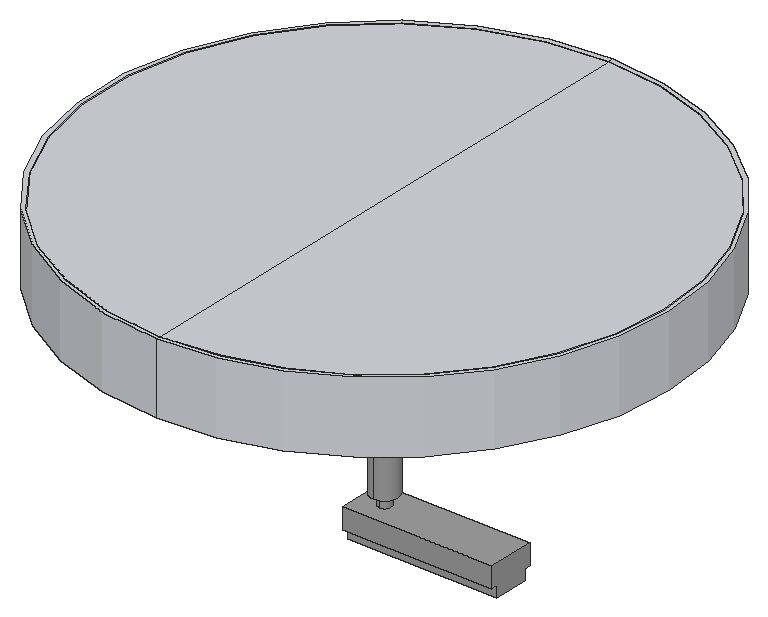
Revit family "Alcon - 15100_Suspended Large Disk - Linear", category Generic Models, host Face, Revit 2025
Family settings
  Host = Face
  Can host rebar = No
  Round Connector Dimension = Use Diameter
  Part Type = Normal
  Cut with Voids When Loaded = No
  Maintain Annotation Orientation = No
  Shared = No
  Room Calculation Point = No
Parameters
  HOUSING = Default
  Fixure Rotation = 90.00°
  Default Elevation = 4' - 0"
Reference planes (in)
  plane 1 "Center (Front/Back)": y = 0
  plane 2: z = 0
  plane 3 "Center (Left/Right)": x = 0
Forms (in)
  Extrusion 1, solid, material "Default" <- "HOUSING"
    sketch origin (-0.64495, -6.99033, 6.35123) x (0, -1, 0) y (0, 0, -1)
      loop
        line (-6.34033, 5.36282) -> (-6.34033, 5.93211) -> (-6.51937, 5.93211) -> (-6.51937, 6.23212) -> (-7.46129, 6.23212) -> (-7.46129, 5.93211) -> (-7.64033, 5.93211) -> (-7.64033, 5.36282) -> (-6.34033, 5.36282)
    from 0 to 4.13
  Revolve 2, solid, material "Default" <- "HOUSING"
    sketch origin (0, 0, 0) x (0, 1, 0) y (0, 0, 1)
      loop
        line (0, 0.98841) -> (0, 1.28553) -> (-0.17498, 1.28553) -> (-0.17498, 0.98841) -> (0, 0.98841)
      axis (0, 0.98841) -> (0, 1.28553)
    angle from 0 to 360
  Revolve 3, solid, material "Default" <- "HOUSING"
    sketch origin (0, 0, 0) x (0, 1, 0) y (0, 0, 1)
      loop
        line (-0.37315, 6.28553) -> (-0.37315, 1.28553) -> (0, 1.28553) -> (0, 6.28553) -> (-0.37315, 6.28553)
      axis (0, 6.28553) -> (0, 1.28553)
    angle from 0 to 360
Lines and regions (in)
  reference lines
    curve 1: line (0, -15.04158, 6.21109) -> (0, 17.20842, 6.21109)
Dimensions and locks (in)
  "Fixure Rotation": angle nested 1 to curve 1
  aligned and locked: plane 2 to host face
  aligned and locked: level to host face
Automatic sketch dimensions
  host sketch curve to host sketch curve = 8' - 0"  (x2)
  Extrusion 1 sketch curve to plane 1 "Center (Front/Back)" = 0' - 0.65"
  level to Extrusion 1 sketch curve = 0' - 0.11911"
  Extrusion 1 sketch curve to Extrusion 1 sketch curve = 0' - 0.17904"  (x2)
  plane 1 "Center (Front/Back)" to Extrusion 1 sketch curve = 0' - 0.47096"
  Extrusion 1 sketch curve to Extrusion 1 sketch curve = 0' - 0.30001"  (x2)
  Extrusion 1 sketch curve to Extrusion 1 sketch curve = 0' - 0.56929"
  Revolve 2 sketch curve to plane 1 "Center (Front/Back)" = 0' - 0"  (x2)
  Revolve 2 sketch curve to Revolve 2 sketch curve = 0' - 0.17498"
  level to Revolve 2 sketch curve = 0' - 0.98841"
  Revolve 2 sketch curve to Revolve 2 sketch curve = 0' - 0.29712"
  Revolve 2 sketch curve to Revolve 2 sketch curve = 0' - 0.0817"
  Revolve 2 sketch curve to Revolve 2 sketch curve = 0' - 0.64489"
  Revolve 3 sketch curve to plane 1 "Center (Front/Back)" = 0' - 0"  (x2)
  Revolve 3 sketch curve to Revolve 3 sketch curve = 0' - 0.37315"
  level to Revolve 3 sketch curve = 0' - 1.28553"
  Revolve 3 sketch curve to Revolve 3 sketch curve = 0' - 5"
  Revolve 3 sketch curve to Revolve 3 sketch curve = 0' - 0.01637"
  Revolve 3 sketch curve to Revolve 3 sketch curve = 0' - 0.22442"
  level to curve 1 = 0' - 6.21109"
  plane 1 "Center (Front/Back)" to curve 1 = 1' - 3.04158"
  curve 1 to plane 1 "Center (Front/Back)" = 1' - 5.20842"
Nested families (in)
  nested 1: "Alcon - 15100_Suspended Large Disk" at (0, 0, 6.21109) x (0, 0, -1) z (1, 0, 0), type "Alcon - 15100_Suspended Large Disk"
    with built-in parameter 1001306 0.45833 (stored number, unit not read)
Definition of nested family "Alcon - 15100_Suspended Large Disk"
  Parameters (values of type "Alcon - 15100_Suspended Large Disk")
    Wattage = 9.2903 W
    built-in parameter 1150110 = 1 (stored number, unit not read)
    built-in parameter 1114217 = 1 (stored number, unit not read)
    Tilt Angle = 60.00°
    built-in parameter 1150109 = 1 (stored number, unit not read)
    built-in parameter 1150134 = 3
    built-in parameter 1150113 = 1 (stored number, unit not read)
    built-in parameter 1010507 = 1.5708 (stored number, unit not read)
    built-in parameter 1010506 = 0.5236 (stored number, unit not read)
    built-in parameter 1150105 = 4614.1 (stored number, unit not read)
    Lumens = 1380 lm
    built-in parameter 1150115 = 1 (stored number, unit not read)
    Light Source Symbol Length = 10' - 0"
    built-in parameter 1150137 = (empty or 0)
    built-in parameter 1150139 = (empty or 0)
    built-in parameter 1001306 [instance] = 4' - 0"
    built-in parameter 1150112 = 1 (stored number, unit not read)
    built-in parameter 1150114 = 1 (stored number, unit not read)
    built-in parameter 1150132 = (empty or 0)
    built-in parameter 1150102 = (empty or 0)
    built-in parameter 1150107 = 3200 (stored number, unit not read)
    built-in parameter 1150138 = (empty or 0)
    built-in parameter 1150106 = 46.141 (stored number, unit not read)
    Housing = none
    Frosted Glass = none
    built-in parameter 1150104 = 13.8 (stored number, unit not read)
    Dimming Lamp Color Temperature Shift = (empty or 0)
    Default Elevation = 0' - 0"
    Color Filter = 16777215
    built-in parameter 1114218 = 1 (stored number, unit not read)
    built-in parameter 1150133 = 10 (stored number, unit not read)
  Reference planes (in)
    plane 1 "Center (Front/Back)": y = 0
    plane 2: z = 0
    plane 3 "Left": x = 0
    plane 4 "Right": x = 48
  Forms (in)
    Revolve 1, solid, material <- "Housing"
      sketch origin (-2.33756, 0, 0) x (1, 0, 0) y (0, 1, 0)
        loop
          line (1.36945, 0) -> (1.97, 0) -> (1.97, 7.875) -> (0, 7.875) -> (0, 7.75) -> (1.36945, 7.75) -> (1.36945, 0)
        axis (0, 0) -> (1.97, 0)
      angle from 0 to 360
    Revolve 2, solid, material <- "Frosted Glass"
      sketch origin (-2.33756, 0, 0) x (1, 0, 0) y (0, 1, 0)
        loop
          line (0, 0) -> (0.07967, 0) -> (0.07967, 7.75) -> (0, 7.75) -> (0, 0)
        axis (0, 0) -> (0.07967, 0)
      angle from 0 to 360
    Revolve 3, solid, material <- "Housing"
      sketch origin (-0.17072, 0, 0) x (1, 0, 0) y (0, 1, 0)
        loop
          line (-0.19683, 0) -> (0.51317, 0) -> (0.51317, 0.66894) -> (-0.19683, 0.66894) -> (-0.19683, 0)
        axis (-0.19683, 0) -> (0.51317, 0)
      angle from 0 to 360
    Extrusion 4, void
      sketch origin (0.34244, 0, 0) x (0, 0, 1) y (0, 1, 0)
        loop
          circle (0, 0) r 0.38902
      from 0 to 0.55976
  Cuts and joins
    Extrusion 4 cuts Revolve 1
    Extrusion 4 cuts Revolve 2
    Extrusion 4 cuts Revolve 3
  Lines and regions (in)
    reference lines
      curve 1: line (0, 0, 0) -> (48, 0, 0)
    model lines
      curve 2: line (0, 0, 0) -> (-30, 0, 0)
  Dimensions and locks (in)
    "built-in parameter 1001306": plane 3 "Left" to plane 4 "Right"
    aligned and locked: plane 4 "Right" to curve 1
    aligned and locked: plane 1 "Center (Front/Back)" to curve 1
    aligned and locked: plane 3 "Left" to curve 1
    aligned and locked: level to plane 2
  Automatic sketch dimensions
    Revolve 1 sketch curve to plane 3 "Left" = 0' - 2.33756"  (x2)
    plane 1 "Center (Front/Back)" to Revolve 1 sketch curve = 0' - 0"  (x2)
    Revolve 1 sketch curve to Revolve 1 sketch curve = 0' - 1.36945"
    Revolve 1 sketch curve to Revolve 1 sketch curve = 0' - 0.60055"
    Revolve 1 sketch curve to plane 1 "Center (Front/Back)" = 0' - 7 3/4"
    Revolve 1 sketch curve to Revolve 1 sketch curve = 0' - 0 1/8"
    Revolve 1 sketch curve to Revolve 1 sketch curve = 0' - 0"
    plane 1 "Center (Front/Back)" to Revolve 3 sketch curve = 0' - 0"  (x2)
    Revolve 3 sketch curve to plane 3 "Left" = 0' - 0.36756"
    plane 3 "Left" to Revolve 3 sketch curve = 0' - 0.34244"
    Revolve 3 sketch curve to plane 1 "Center (Front/Back)" = 0' - 0.66894"
    Revolve 3 sketch curve to Revolve 3 sketch curve = 0' - 0.03766"
    Revolve 3 sketch curve to Revolve 3 sketch curve = 0' - 0"
    plane 1 "Center (Front/Back)" to curve 2 = 0' - 0"
    curve 2 to plane 3 "Left" = 0' - 0"
    curve 2 to curve 2 = 2' - 6"
    plane 1 "Center (Front/Back)" to Revolve 2 sketch curve = 0' - 0"  (x2)
    Revolve 2 sketch curve to plane 3 "Left" = 0' - 2.33756"
    Revolve 2 sketch curve to Revolve 2 sketch curve = 0' - 0.07967"
    Revolve 2 sketch curve to plane 1 "Center (Front/Back)" = 0' - 7 3/4"
    Revolve 2 sketch curve to Revolve 2 sketch curve = 0' - 0.63097"
    Revolve 2 sketch curve to Revolve 2 sketch curve = 0' - 0.6588"
    radius of Extrusion 4 sketch curve to Revolve 3 = 0' - 0.27992"
